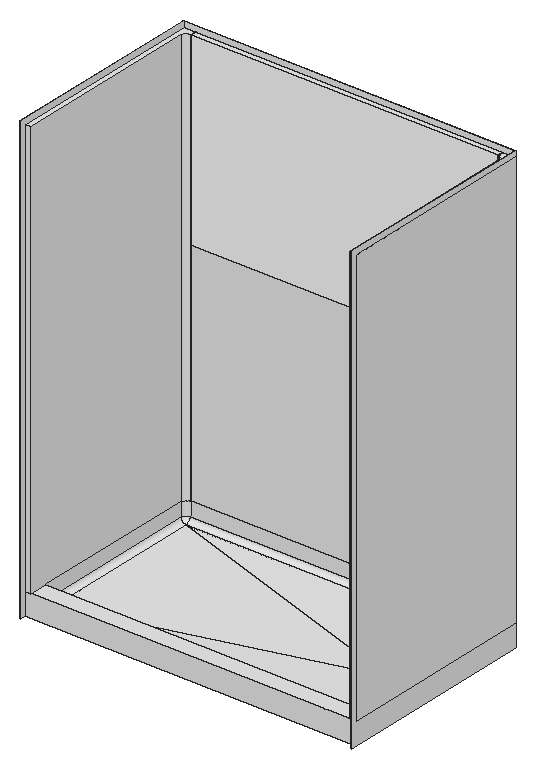
Revit family "5LES6036FBSQ.V2 L-R", category Plumbing Fixtures, Revit 2019
Family settings
  Round Connector Dimension = Use Diameter
  Part Type = Normal
  OmniClass Number = 23.45.05.14.17
  OmniClass Title = Showers
  Work Plane-Based = No
  Always vertical = Yes
  Cut with Voids When Loaded = No
  Shared = No
  Room Calculation Point = No
Parameters (values of type "5LES6030FBSQ.V2")
  Unit Width = 60"
  Unit Height = 80 1/2"
  Unit Depth = 37"
  URL = "http://www.bestbath.com/"
  Type Comments = "Remodeler"
  Model = "5LES6030FBSQ.V2"
  Material [instance] = Best Bath Gelcoat Fiberglass - Smooth
  Manufacturer = "Best Bath Systems, Inc."
  Keynote = "22 40 00.B3"
  Description = "Eight Inch Tile Finish"
  Assembly Code = "D2010710"
Reference planes (in)
  plane 1 "Back": y = -0.5
  plane 2: z = 0
  plane 3 "Left": x = 0
  plane 4: x = 60
  plane 5: z = 4
  plane 6: x = 51.5
  plane 7: y = 35.5
  plane 8: y = 17.5
  plane 9: x = 1.25
  plane 10: x = 58.75
  plane 11: y = 34.25
  plane 12: z = 0.625
  plane 13: z = 0.25
  plane 14: y = -1.5
  plane 15: z = 5
  plane 16: z = 45.5
  plane 17: z = 80.5
  plane 18: x = 30
Forms (in)
  Extrusion 1, solid, material "Best Bath Gelcoat Fiberglass - Smooth"
    sketch origin (0, 0, 0) x (1, 0, 0) y (0, 1, 0)
      loop
        line (0, -0.5) -> (1.25, -0.5) -> (1.25, 33.25)
        arc (1.25, 33.25) -> (1.54289, 33.95711) -> (2.25, 34.25) r 1
        line (2.25, 34.25) -> (57.75, 34.25)
        arc (57.75, 34.25) -> (58.45711, 33.95711) -> (58.75, 33.25) r 1
        line (58.75, 33.25) -> (58.75, -0.5) -> (60, -0.5) -> (60, 35.5) -> (0, 35.5) -> (0, -0.5)
    from 0 to 4
  Extrusion 2, solid, material "Best Bath Gelcoat Fiberglass - Smooth"
    sketch origin (0, 0, 0) x (1, 0, 0) y (0, 1, 0)
      loop
        line (0, -0.5) -> (60, -0.5) -> (60, 35.5) -> (0, 35.5) -> (0, -0.5)
    from 0 to 0.625
  Sweep 3, solid, material "Best Bath Gelcoat Fiberglass - Smooth"
    path origin (0, 0, 0) x (1, 0, 0) y (0, 1, 0)
      loop
        line (58.75, -0.5) -> (58.75, 33.25)
        arc (58.75, 33.25) -> (58.45711, 33.95711) -> (57.75, 34.25) r 1
        line (57.75, 34.25) -> (2.25, 34.25)
        arc (2.25, 34.25) -> (1.54289, 33.95711) -> (1.25, 33.25) r 1
        line (1.25, 33.25) -> (1.25, -0.5)
    profile origin (1.25, 16.375, 0) x (1, 0, 0) y (0, 0, 1)
      loop
        line (0, 0.625) -> (0.9, 0.625)
        arc (0.9, 0.625) -> (0.2636, 0.8886) -> (0, 1.525) r 0.9
        line (0, 1.525) -> (0, 0.625)
  Blend 4, void
    base sketch origin (0, 0, 0) x (1, 0, 0) y (0, 1, 0)
      loop
        line (2.25, 3.5147) -> (57.75, 3.5147) -> (57.75, 33.25) -> (2.25, 33.25) -> (2.25, 3.5147)
    top sketch origin (0, 0, 0) x (1, 0, 0) y (0, 1, 0)
      loop
        circle (51.5, 17.5) r 0.10467
    from 0.625 to 0.25
  Sweep 5, solid, material "Best Bath Gelcoat Fiberglass - Smooth"
    path origin (0, 0, 0) x (1, 0, 0) y (0, 1, 0)
      loop
        line (1.25, -0.5) -> (58.75, -0.5)
    profile origin (30, -0.5, 0) x (0, 1, 0) y (0, 0, 1)
      loop
        line (0, 4) -> (0, 0) -> (4.11592, 0) -> (3.00305, 4) -> (0, 4)
  Extrusion 6, solid, material "Best Bath Gelcoat Fiberglass - Smooth"
    sketch origin (0, 0, 0) x (1, 0, 0) y (0, 1, 0)
      loop
        line (0, -1.5) -> (0.125, -1.5) -> (0.125, 35.375) -> (59.875, 35.375) -> (59.875, -1.5) -> (60, -1.5) -> (60, 35.5) -> (0, 35.5) -> (0, -1.5)
    from 5 to 80.5
  Extrusion 7, void
    sketch origin (0, 6, 0.625) x (0, 1, 0) y (1, 0, 0)
      loop
        line (15.5, 49) -> (15.5, 54) -> (7.5, 54) -> (7.5, 49) -> (15.5, 49)
    from 0 to 0.5
  Extrusion 8, void
    sketch origin (21.5, -4, 0.625) x (0, 1, 0) y (1, 0, 0)
      loop
        circle (21.5, 30) r 1.75
    from 0 to 1.25
  Extrusion 9, solid
    sketch origin (0.25, 2, 0.125) x (0, 1, 0) y (-1, 0, 0)
      loop
        line (19.5, -48.75) -> (11.5, -48.75) -> (11.5, -53.75) -> (19.5, -53.75) -> (19.5, -48.75)
    from 0 to 0.25
  Extrusion 10, solid, material "Best Bath Gelcoat Fiberglass - Smooth"
    sketch origin (0, -0.86165, 0) x (1, 0, 0) y (0, 1, 0)
      loop
        line (2.25, 36.36165) -> (2.25, 35.11165) -> (57.75, 35.11165) -> (57.75, 36.36165) -> (2.25, 36.36165)
    from 4 to 45.5
  Extrusion 11, solid, material "Best Bath Gelcoat Fiberglass - Smooth"
    sketch origin (0, -0.86165, 0) x (1, 0, 0) y (0, 1, 0)
      loop
        line (2.25, 36.36165) -> (2.25, 35.11165) -> (57.75, 35.11165) -> (57.75, 36.36165) -> (2.25, 36.36165)
    from 45.5 to 79.5
  Extrusion 12, solid, material "Best Bath Gelcoat Fiberglass - Smooth"
    sketch origin (0.25, -0.86165, 0) x (1, 0, 0) y (0, 1, 0)
      loop
        line (-0.25, 0.36165) -> (1, 0.36165) -> (1, 34.11165)
        arc (1, 34.11165) -> (1.29289, 34.81875) -> (2, 35.11165) r 1
        line (2, 35.11165) -> (2, 36.36165) -> (-0.25, 36.36165) -> (-0.25, 0.36165)
      loop
        line (59.75, 0.36165) -> (59.75, 36.36165) -> (57.5, 36.36165) -> (57.5, 35.11165)
        arc (57.5, 35.11165) -> (58.20711, 34.81875) -> (58.5, 34.11165) r 1
        line (58.5, 34.11165) -> (58.5, 0.36165) -> (59.75, 0.36165)
    from 4 to 79.5
  Extrusion 13, solid, material "Best Bath Gelcoat Fiberglass - Smooth"
    sketch origin (0, 0, 0) x (1, 0, 0) y (0, 1, 0)
      loop
        line (0, 35.5) -> (0, -1.5) -> (0.125, -1.5) -> (0.125, 35.375) -> (59.875, 35.375) -> (59.875, -1.5) -> (60, -1.5) -> (60, 35.5) -> (0, 35.5)
    from 0 to 5
Cuts and joins
  Blend 4, Extrusion 7, Extrusion 8 cuts Extrusion 1
  Blend 4, Extrusion 7, Extrusion 8 cuts Extrusion 2
  Blend 4, Extrusion 7, Extrusion 8 cuts Sweep 3
  Extrusion 7, Extrusion 8 cuts Sweep 5
  Extrusion 7, Extrusion 8 cuts Extrusion 6
  joined: Extrusion 1, Extrusion 2, Sweep 3, Sweep 5, Extrusion 6, Extrusion 13
Dimensions and locks (in)
  "Unit Width": plane 3 "Left" to plane 4
  locked: plane 7 to plane 11 at 1.25
  locked: plane 10 to plane 4 at 1.25
  locked: plane 3 "Left" to plane 9 at 1.25
  locked: plane 7 to plane 8 at 18
  locked: plane 12 to plane 13 at 0.375
  locked: plane 12 to level at 0.625
  locked: plane 14 to plane 1 "Back" at 1
  "Unit Depth": plane 7 to plane 14
  "Unit Height": plane 17 to level
  plane 16 to plane 5 = 41 1/2"
  locked: plane 6 to plane 4 at 8.5
  aligned and locked: level to plane 2
  aligned and locked: Sweep 3 to plane 12
  aligned and locked: Sweep 3 sketch curve to plane 12
  aligned and locked: Extrusion 2 to plane 12
  aligned and locked: plane 8 to Blend 4 sketch curve
  aligned and locked: plane 6 to Blend 4 sketch curve
  aligned and locked: Extrusion 2 to Blend 4
  aligned and locked: Blend 4 to plane 13
  aligned and locked: plane 5 to Extrusion 1
  aligned and locked: plane 5 to Sweep 5
  aligned and locked: Extrusion 9 to cut or joined group 1 (Extrusion 1, Extrusion 2, Sweep 3, Blend 4, Sweep 5, Extrusion 6, Extrusion 7, Extrusion 8, Extrusion 13)  (x3)
  aligned and locked: cut or joined group 1 to Extrusion 9
  aligned and locked: Extrusion 11 to Extrusion 10
  aligned and locked: Extrusion 13 to Extrusion 6
  aligned and locked: plane 17 to Extrusion 6
  aligned and locked: Extrusion 10 to Extrusion 11
  aligned and locked: Extrusion 11 to cut or joined group 1
  aligned and locked: Extrusion 11 to plane 16
Automatic sketch dimensions
  Extrusion 1 sketch curve to plane 3 "Left" = 0"
  Extrusion 1 sketch curve to plane 9 = 0"
  Extrusion 1 sketch curve to plane 11 = 0"
  plane 1 "Back" to Extrusion 1 sketch curve = 0"  (x2)
  Extrusion 1 sketch curve to plane 10 = 0"
  Extrusion 1 sketch curve to plane 4 = 0"
  Extrusion 1 sketch curve to plane 7 = 0"
  plane 9 to Extrusion 1 sketch curve = 1"
  Extrusion 1 sketch curve to plane 10 = 1"
  Extrusion 2 sketch curve to plane 3 "Left" = 0"
  Extrusion 2 sketch curve to plane 4 = 0"
  plane 1 "Back" to Extrusion 2 sketch curve = 0"
  Extrusion 2 sketch curve to plane 7 = 0"
  plane 1 "Back" to Sweep 3 sketch curve = 0"  (x2)
  Sweep 3 sketch curve to plane 9 = 0"
  Sweep 3 sketch curve to plane 11 = 0"
  Sweep 3 sketch curve to plane 10 = 0"
  plane 9 to Sweep 3 sketch curve = 1"
  Sweep 3 sketch curve to Sweep 3 sketch curve = 1"
  profile plane to Sweep 3 sketch curve = 0"
  Sweep 3 sketch curve to profile plane = 0.9"
  plane 9 to Blend 4 sketch curve = 1"
  Blend 4 sketch curve to plane 10 = 1"
  Blend 4 sketch curve to plane 1 "Back" = 4.0147"
  Blend 4 sketch curve to plane 11 = 1"
  plane 1 "Back" to Sweep 5 sketch curve = 0"
  Sweep 5 sketch curve to plane 9 = 0"
  Sweep 5 sketch curve to plane 10 = 0"
  Sweep 5 sketch curve to level = 0"
  Sweep 5 sketch curve to profile plane = 0"
  Sweep 5 sketch curve to Sweep 5 sketch curve = 3.00305"
  Sweep 5 sketch curve to Sweep 5 sketch curve = 4.11592"
  level to Sweep 5 sketch curve = 4"
  Extrusion 6 sketch curve to plane 3 "Left" = 0"
  Extrusion 6 sketch curve to plane 14 = 0"  (x2)
  Extrusion 6 sketch curve to plane 4 = 0"
  Extrusion 6 sketch curve to plane 7 = 0"
  plane 3 "Left" to Extrusion 6 sketch curve = 1/8"
  plane 4 to Extrusion 6 sketch curve = 1/8"
  Extrusion 6 sketch curve to plane 7 = 1/8"
  Extrusion 7 sketch curve to Extrusion 2 = 14"
  Extrusion 7 sketch curve to Extrusion 7 sketch curve = 8"
  Extrusion 7 sketch curve to Extrusion 2 = 6"
  Extrusion 7 sketch curve to Extrusion 7 sketch curve = 5"
  Extrusion 8 sketch curve to Extrusion 2 = 8 1/2"
  Extrusion 8 sketch curve to Extrusion 2 = 18"
  Extrusion 9 sketch curve to Extrusion 7 = 0"  (x4)
  Extrusion 10 sketch curve to plane 11 = 0"
  Extrusion 10 sketch curve to plane 7 = 0"
  plane 9 to Extrusion 10 sketch curve = 1"
  Extrusion 10 sketch curve to plane 10 = 1"
  Extrusion 11 sketch curve to plane 11 = 0"
  Extrusion 11 sketch curve to plane 7 = 0"
  plane 9 to Extrusion 11 sketch curve = 1"
  Extrusion 11 sketch curve to plane 10 = 1"
  Extrusion 12 sketch curve to plane 3 "Left" = 0"
  plane 1 "Back" to Extrusion 12 sketch curve = 0"  (x2)
  Extrusion 12 sketch curve to plane 9 = 0"
  Extrusion 12 sketch curve to plane 11 = 0"  (x2)
  Extrusion 12 sketch curve to plane 7 = 0"  (x2)
  Extrusion 12 sketch curve to plane 10 = 0"
  Extrusion 12 sketch curve to plane 4 = 0"
  Extrusion 12 sketch curve to Extrusion 12 sketch curve = 1"
  Extrusion 12 sketch curve to plane 10 = 1"
  Extrusion 13 sketch curve to plane 3 "Left" = 0"
  Extrusion 13 sketch curve to plane 14 = 0"  (x2)
  Extrusion 13 sketch curve to plane 4 = 0"
  Extrusion 13 sketch curve to plane 7 = 0"
  plane 3 "Left" to Extrusion 13 sketch curve = 1/8"
  plane 4 to Extrusion 13 sketch curve = 1/8"
  Extrusion 13 sketch curve to plane 7 = 1/8"
  radius of Blend 4 sketch curve = 0.10467"
  radius of Extrusion 8 sketch curve = 1 3/4"
